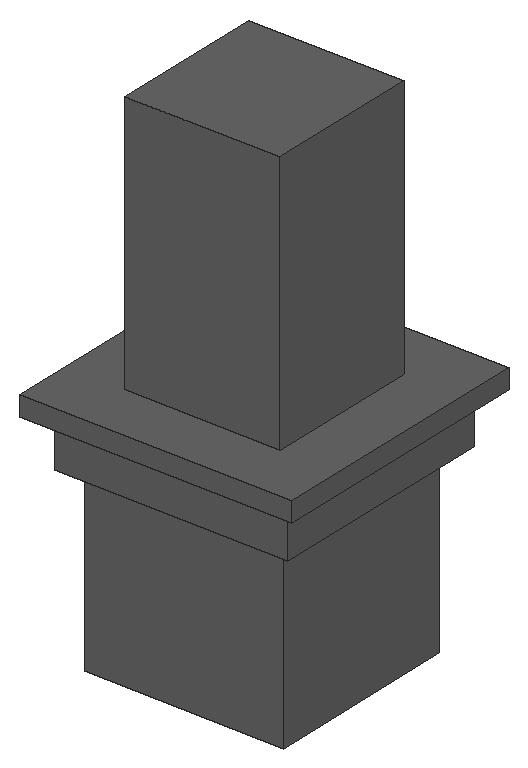
Revit family "LTC-3SQD", category Lighting Fixtures, host Face, Revit 2021
Family settings
  Host = Face
  Round Connector Dimension = Use Diameter
  Part Type = Normal
  OmniClass Number = 23.80.70.11.14.11
  OmniClass Title = Downlights
  Cut with Voids When Loaded = No
  Light Source = Yes
  Shared = Yes
  Room Calculation Point = No
Parameters (values of type "LTC-3SQD-S")
  Wattage Comments = "8-25"  # constant formula
  Wattage = 25 W
  built-in parameter 1150110 = 1 (stored number, unit not read)
  Voltage = if(Is 120V, 120 V, 277 V)  # 120 V
  URL = "https://www.currentlighting.com/prescolite"
  built-in parameter 1114217 = 1 (stored number, unit not read)
  Tilt Angle = -90.00°
  built-in parameter 1150109 = 1 (stored number, unit not read)
  built-in parameter 1150134 = (empty or 0)
  built-in parameter 1150113 = 1 (stored number, unit not read)
  Reflector Finish = Paint - Carbon Black
  Product Page URL = ""
  Product Material = Paint - Carbon Black
  Product Documentation Link = ""
  Photometric Web File = "LTC-3SQD-P-20L35K8MD-DM1-S-BL.ies"
  Photometric Notes = "More IES files download on Photometric Web Link"  # constant formula
  Model = "LTC-3SQD"  # constant formula
  Manufacturer = "Prescolite"  # constant formula
  built-in parameter 1150105 = -6252400 (stored number, unit not read)
  Lumens = 2200 lm
  built-in parameter 1150115 = 1 (stored number, unit not read)
  Load Classification = Lighting
  built-in parameter 1150137 = (empty or 0)
  built-in parameter 1150139 = (empty or 0)
  built-in parameter 1150112 = 1 (stored number, unit not read)
  built-in parameter 1150114 = 1 (stored number, unit not read)
  Lamp = " LED's"  # constant formula
  Is 277V = not(Is 120V)  # no
  Is 120V = yes
  built-in parameter 1150132 = (empty or 0)
  built-in parameter 1150102 = (empty or 0)
  built-in parameter 1150107 = 3000 (stored number, unit not read)
  built-in parameter 1150138 = (empty or 0)
  built-in parameter 1150106 = -62524 (stored number, unit not read)
  Glass = White Glass
  Frequency = 60 Hz  # constant formula
  Emit from Rectangle Width = 4"  # constant formula
  Emit from Rectangle Length = 4"  # constant formula
  Emit Shape Visible in Rendering = yes
  built-in parameter 1150104 = 8.1755 (stored number, unit not read)
  Dimming Lamp Color Temperature Shift = <None>
  Description = "LITEISTRY™ 3inch Square Cylinder Downlight"  # constant formula
  Default Elevation = 48"
  Contact Us = ""
  Connector Description = "Lighting Connector"  # constant formula
  Color Filter = 16777215
  Ceiling Thickness [instance] = 1 1/4"
  Cutout Radius = 3 1/8"
  Ceiling Cutout = Cutout Radius * 2  # 6 1/4"
  built-in parameter 1114218 = 1 (stored number, unit not read)
  built-in parameter 1150133 = 10 (stored number, unit not read)
  Apparent Load = 52 VA
Reference planes (in)
  plane 1 "Center (Front/Back)": y = 0
  plane 2: z = 0
  plane 3 "Center (Left/Right)": x = 0
  plane 4: x = 3
  plane 5: x = -3
  plane 6: y = 3
  plane 7: y = -3
  plane 8: x = 2
  plane 9: x = -2
  plane 10: y = 2
  plane 11: y = -2
  plane 12: z = 7.26172
  plane 13: z = -6
Forms (in)
  Extrusion 1, void
    sketch origin (0, 0, 0) x (1, 0, 0) y (0, 1, 0)
      loop
        circle (0, 0) r 3.125
    from -1.25 to 0
  Extrusion 2, solid, material "Paint - Carbon Black" <- "Product Material"
    sketch origin (0, 0, 0) x (1, 0, 0) y (0, 1, 0)
      loop
        line (-2.625, 2.5) -> (-2.625, -2.5) -> (2.5, -2.5) -> (2.5, 2.5) -> (-2.625, 2.5)
    from -6 to -1.27765
  Extrusion 3, solid, material "Paint - Carbon Black" <- "Product Material"
    sketch origin (0, 0, 0) x (1, 0, 0) y (0, 1, 0)
      loop
        line (-2, 2) -> (-2, -2) -> (2, -2) -> (2, 2) -> (-2, 2)
    from 0 to 7.26172
  Extrusion 4, solid, material "Paint - Carbon Black" <- "Product Material"
    sketch origin (0, 0, 0) x (1, 0, 0) y (0, 1, 0)
      loop
        line (-3, 3) -> (-3, -3) -> (3, -3) -> (3, 3) -> (-3, 3)
    from -1.27765 to 0
  Extrusion 5, solid, material "Paint - Carbon Black" <- "Product Material"
    sketch origin (0, 0, 0) x (1, 0, 0) y (0, 1, 0)
      loop
        line (-3.5, 3.5) -> (-3.5, -3.5) -> (3.5, -3.5) -> (3.5, 3.5) -> (-3.5, 3.5)
    from 0 to 0.5
Dimensions and locks (in)
  plane 5 to plane 9 to plane 8 to plane 4 = 1", 4", 1"
  plane 5 to plane 4 = 6"
  plane 12 to plane 2 = 7 67/256"
  "Cutout Radius": radius of Extrusion 1 sketch curve
  aligned and locked: plane 2 to host face
  aligned and locked: level to host face
  aligned and locked: level to Extrusion 1
  aligned and locked: plane 1 "Center (Front/Back)" to Extrusion 1 sketch curve
  aligned and locked: plane 3 "Center (Left/Right)" to Extrusion 1 sketch curve
  aligned and locked: plane 3 "Center (Left/Right)" to imposter light
Automatic sketch dimensions
  host sketch curve to host sketch curve = 96"  (x2)
  Extrusion 3 sketch curve to plane 9 = 0"
  Extrusion 3 sketch curve to plane 8 = 0"
  plane 11 to Extrusion 3 sketch curve = 0"
  plane 10 to Extrusion 3 sketch curve = 0"
  Extrusion 2 sketch curve to plane 7 = 1/2"
  plane 6 to Extrusion 2 sketch curve = 1/2"
  plane 8 to Extrusion 2 sketch curve = 1/2"
  Extrusion 2 sketch curve to plane 9 = 5/8"
  Extrusion 4 sketch curve to plane 5 = 0"
  Extrusion 4 sketch curve to plane 4 = 0"
  plane 7 to Extrusion 4 sketch curve = 0"
  plane 6 to Extrusion 4 sketch curve = 0"
  Extrusion 5 sketch curve to plane 5 = 1/2"
  plane 4 to Extrusion 5 sketch curve = 1/2"
  plane 7 to Extrusion 5 sketch curve = 1/2"
  Extrusion 5 sketch curve to plane 6 = 1/2"
Connectors (in)
  electrical at (0, 0, 0), driven by "Connector Description", driven by "Voltage", driven by "Apparent Load", driven by "Load Classification"
    settings: on host face, index 1, voltage 120 V, apparent load 52 VA, apparent load phase1 0 VA, apparent load phase2 0 VA, apparent load phase3 0 VA, power factor 0.9, load classification "Lighting", number of poles 1, system type 30, power factor state 1, is connector primary yes, connector utility no, sub classification motor no, connector description "Lighting Connector"
